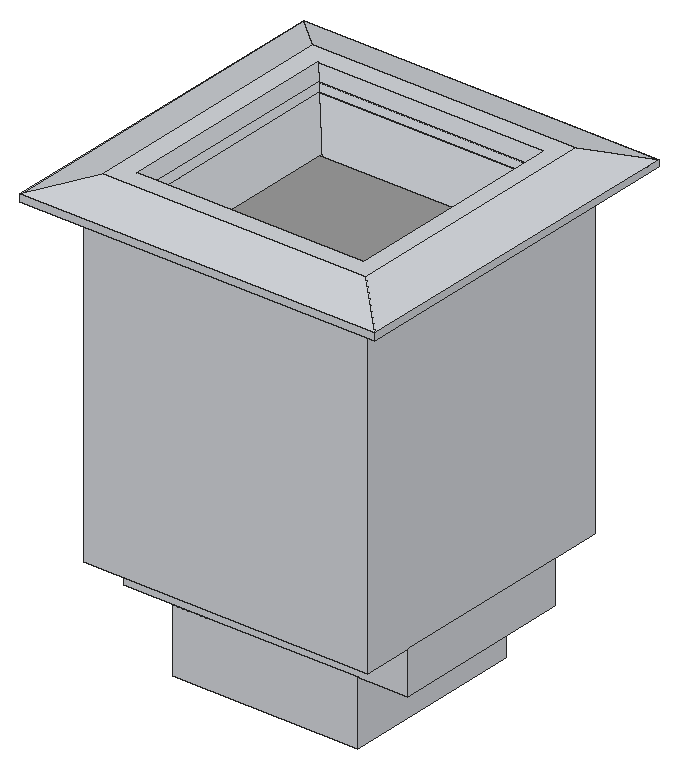
Revit family "2061030 Sylvania Lighting Fixture DOMINO 1xLED 940 BLACK NB TRIM BLACK", category Lighting Fixtures, host Face, Revit 2018
Family settings
  Host = Face
  Round Connector Dimension = Use Diameter
  Part Type = Normal
  OmniClass Number = 23.80.70.00
  OmniClass Title = Lighting
  Cut with Voids When Loaded = No
  Light Source = Yes
  Shared = No
  Room Calculation Point = No
Parameters (values of type "2061030 DOMINO 1XLED 940 BLACK NB TR BLK ")
  top top width = 15.812 mm
  top top length = 26 mm
  Width = 50 mm
  Weight = "n/a"
  Wattage Comments = ""
  Wattage = 9.2903 W
  WarrantyStartDate [instance] = "n/a"
  WarrantyGuarantorParts = "n/a"
  WarrantyDurationUnit = "n/a"
  WarrantyDurationParts = ""
  WarrantyDescription = "http://www.sylvania-lighting.com"
  built-in parameter 1150110 = 1 (stored number, unit not read)
  Voltage = 0 V
  URL = "0.6"
  TypeName = "DOMINO 1xLED 940 BLACK NB TRIM BLACK"
  Type Image = <None>
  Type Comments = "n/a"
  built-in parameter 1114217 = 1 (stored number, unit not read)
  Top Width = 26 mm
  Tilt Angle = 90.00°
  built-in parameter 1150109 = 1 (stored number, unit not read)
  built-in parameter 1150134 = 3
  built-in parameter 1150113 = 1 (stored number, unit not read)
  SerialNumber [instance] = "n/a"
  Recessed Width = 43 mm
  Recessed Length = 43 mm
  Photometric Web File = "2061030.ies"
  Material_3_FEILO = none
  PowerFactor = 0
  PowerConsumption = "Lighting"
  NominalLength = 50 mm
  NominalHeight = 0 mm
  NominalDepth = 0 mm
  Name = "DOMINO 1xLED 940 BLACK NB TRIM BLACK"
  ModelReference = Name  # "DOMINO 1xLED 940 BLACK NB TRIM BLACK"
  ModelNumber = "2061030"
  Model = Name  # "DOMINO 1xLED 940 BLACK NB TRIM BLACK"
  Material = "Feilo Sylvania"
  ManufacturerName = "49 lm/W"
  Manufacturer = ""
  LuminousEfficacy = ""
  built-in parameter 1150105 = 109.82 (stored number, unit not read)
  Lumens = 1380 lm
  LuminaireType = "0"
  built-in parameter 1150115 = 1 (stored number, unit not read)
  LightOutputRatio = "LED"
  built-in parameter 1150137 = (empty or 0)
  built-in parameter 1150139 = (empty or 0)
  Lens inside recess = 25 mm
  Lens Width = 32 mm
  Lens Outside recess = 31.978 mm
  Lens = Glass, White, High Luminance
  Length = 50 mm
  LampsType = Lamp  # "n/a"
  LampNominalLuminous = "4000 K"
  LampMacAdamStep = "90"
  LampColourTemperature = "LED"
  LampColourRenderingIndex = "16500"
  built-in parameter 1150112 = 1 (stored number, unit not read)
  built-in parameter 1150114 = 1 (stored number, unit not read)
  Lamp = "n/a"
  Keynote = "n/a"
  InstallationDate [instance] = "n/a"
  InputVoltage = "0"
  InputNominalFrequency = "4000"
  built-in parameter 1150132 = (empty or 0)
  built-in parameter 1150102 = (empty or 0)
  built-in parameter 1150107 = 3200 (stored number, unit not read)
  built-in parameter 1150138 = (empty or 0)
  IngressProtection = "IfcLightFixtureType"
  ImpactProtectionIndex = "IfcLightFixtureType"
  built-in parameter 1150106 = 1.0982 (stored number, unit not read)
  IfcExportType = "IfcLightFixtureType"
  IfcExportAs = "Class II"
  Facia internal width = 37 mm
  Facia internal length = 37 mm
  Facia Height = 2 mm
  ExpectedLife = 50000
  Emit from Circle Diameter = 609.6 mm
  Emit Shape Visible in Rendering = no
  ElectricShockClassification = "49"
  built-in parameter 1150104 = 13.8 (stored number, unit not read)
  DurationUnit = "hours"
  DocumentationLiterature = "http://www.sylvania-lighting.com/product/en-int/products/2061030"
  DimmingControlOptions = "n/a"
  Material_2_FEILO = none
  Dimming Lamp Color Temperature Shift = <None>
  Description = "Modular LED recessed linear spotlight, ideal for retail and hospitality applications. Die-cast aluminium body, passive cooling. Two levels of reflector installation, low glaring UGR<16. 1x LED source, 15° beam angle , optics: PMMA lens and polycarbonate reflector combination, Black matt reflector finish. Light color temperature: 4000K neutral white, total system power: 4W , total fixture lumen output: 195lm, efficacy: 49 lm/W, Ra90 typical, LED chromacity: 3 step MacAdam ellipse (SDCM3), lifespan: 96,000 hours at 90% of the original output (L90B10), IR/UV free light source without heat radiation, operating voltage: 220-240V / 50-60Hz, electronic driver, ultra low flicker, non-dimmable , electrical protection: Class II. Degree of Protection: IP40/IP20, suitable for indoor environment only. Ceiling cut-out: 43x43mm, outer dimensions:  50x50mm trim frame RAL 9005 - Jet black color.5 years Warranty."
  Default Elevation = 1219.2 mm
  CreatedOn = "09/02/2021"
  CreatedBy = "@sylvania-lighting.com"
  Cost = 0
  Color Filter = 16777215
  built-in parameter 1114216 [instance] = (empty or 0)
  ClassificationValue = "EF_70_80"
  ClassificationName = "Uniclass2015"
  Material_1_FEILO = none
  Body Width = 40 mm
  Body Length = 40 mm
  BarCode [instance] = "n/a"
  built-in parameter 1114218 = 1 (stored number, unit not read)
  built-in parameter 1150133 = 10 (stored number, unit not read)
  AssetType = "Fixed"
  AssetIdentifier [instance] = "n/a"
  Assembly Code = "D5020200"
  Apparent Load = 4 VA
  Material_4_FEILO = none
Reference planes
  plane 1 "Center (Front/Back)": y = 0
  plane 2: z = 0
  plane 3 "Center (Left/Right)": x = 0
  plane 4: z = 0
  plane 5: z = -7
  plane 6: z = -45.895
  plane 7: z = -51.895
  plane 8: z = -60.895
  plane 9: x = -21.5
  plane 10: x = 21.5
  plane 11: y = 21.5
  plane 12: y = -21.5
  plane 13: x = -25
  plane 14: x = 25
  plane 15: y = 25
  plane 16: y = -25
  plane 17: x = 18.5
  plane 18: x = -18.5
  plane 19: y = 18.5
  plane 20: y = -18.5
  plane 21: z = 2
  plane 22: x = -20
  plane 23: x = 20
  plane 24: y = 20
  plane 25: y = -20
  plane 26: y = 13
  plane 27: y = -13
  plane 28: y = 16
  plane 29: y = -16
  plane 30: x = 13
  plane 31: x = -13
  plane 32: x = -15.772
  plane 33: x = 16.206
  plane 34: y = 12.5
  plane 35: y = -12.5
  plane 36: x = -12.5
  plane 37: x = 12.5
Forms (mm)
  Extrusion 1, solid, not visible, detail levels medium+fine
    sketch origin (4.2, 0, 0) x (1, 0, 0) y (0, 1, 0)
      loop
        line (-29.2, 34.5) -> (-29.2, -34.5) -> (20.8, -34.5) -> (20.8, 34.5) -> (-29.2, 34.5)
    from 0 to 1
  Extrusion 2, solid, not visible, detail levels medium+fine
    sketch origin (4.044, 0, 0) x (1, 0, 0) y (0, 1, 0)
      loop
        line (-29.2, 34.5) -> (-29.2, -34.5) -> (20.8, -34.5) -> (20.8, 34.5) -> (-29.2, 34.5)
    from 0 to 1
  Blend 3, solid, not visible, detail levels medium+fine
    base sketch origin (4.2, 0, 0) x (1, 0, 0) y (0, 1, 0)
      loop
        line (-29.2, 34.5) -> (-29.2, -34.5) -> (20.8, -34.5) -> (20.8, 34.5) -> (-29.2, 34.5)
    top sketch origin (4.2, 0, 0) x (1, 0, 0) y (0, 1, 0)
      loop
        line (-21.7, 28) -> (-21.7, -28) -> (13.3, -28) -> (13.3, 28) -> (-21.7, 28)
    from 1 to 3
  Extrusion 4, solid, not visible, detail levels medium+fine
    sketch origin (3.419, 0, 0) x (1, 0, 0) y (0, 1, 0)
      loop
        line (-29.2, 34.5) -> (-29.2, -34.5) -> (20.8, -34.5) -> (20.8, 34.5) -> (-29.2, 34.5)
    from 0 to 1
  Blend 5, solid, not visible, detail levels medium+fine
    base sketch origin (3.575, 0, 0) x (1, 0, 0) y (0, 1, 0)
      loop
        line (-29.2, 34.5) -> (-29.2, -34.5) -> (20.8, -34.5) -> (20.8, 34.5) -> (-29.2, 34.5)
    top sketch origin (3.575, 0, 0) x (1, 0, 0) y (0, 1, 0)
      loop
        line (-21.7, 28) -> (-21.7, -28) -> (13.3, -28) -> (13.3, 28) -> (-21.7, 28)
    from 1 to 3
  Extrusion 6, solid, not visible, detail levels medium+fine
    sketch origin (4.247, 0, 0) x (1, 0, 0) y (0, 1, 0)
      loop
        line (-29.2, 34.5) -> (-29.2, -34.5) -> (20.8, -34.5) -> (20.8, 34.5) -> (-29.2, 34.5)
    from 0 to 1
  Blend 7, solid, not visible, detail levels medium+fine
    base sketch origin (4.403, 0, 0) x (1, 0, 0) y (0, 1, 0)
      loop
        line (-29.2, 34.5) -> (-29.2, -34.5) -> (20.8, -34.5) -> (20.8, 34.5) -> (-29.2, 34.5)
    top sketch origin (4.403, 0, 0) x (1, 0, 0) y (0, 1, 0)
      loop
        line (-21.7, 28) -> (-21.7, -28) -> (13.3, -28) -> (13.3, 28) -> (-21.7, 28)
    from 1 to 3
  Extrusion 8, void, detail levels medium+fine
    sketch origin (4.2, 0, 0) x (0, 1, 0) y (1, 0, 0)
      loop
        line (21.5, -25.7) -> (21.5, 17.3) -> (-21.5, 17.3) -> (-21.5, -25.7) -> (21.5, -25.7)
    from -9.934 to 83.097
  Extrusion 9, solid, detail levels medium+fine
    sketch origin (4.2, 0, 0) x (1, 0, 0) y (0, 1, 0)
      loop
        line (-29.2, 25) -> (-29.2, -25) -> (20.8, -25) -> (20.8, 25) -> (-29.2, 25)
    from 0 to 1
  Extrusion 10, solid, detail levels medium+fine
    sketch origin (4.2, 0, 0) x (1, 0, 0) y (0, 1, 0)
      loop
        line (-24.2, 20) -> (-24.2, -20) -> (15.8, -20) -> (15.8, 20) -> (-24.2, 20)
    from 0 to -45.895
  Extrusion 11, solid, detail levels medium+fine
    sketch origin (4.2, 0, 0) x (1, 0, 0) y (0, 1, 0)
      loop
        line (-24.2, 13) -> (-24.2, -13) -> (15.8, -13) -> (15.8, 13) -> (-24.2, 13)
    from -51.895 to -45.895
  Extrusion 12, solid, material "Glass, White, High Luminance" <- "Lens", detail levels fine
    sketch origin (13.547, 1218.849, 36.156) x (1, 0, 0) y (0, 1, 0)
      loop
        line (-26.047, -1206.7) -> (-26.047, -1231.7) -> (-1.047, -1231.7) -> (-1.047, -1206.7) -> (-26.047, -1206.7)
    from -43.156 to -42.182
  Blend 13, solid, detail levels medium+fine
    base sketch origin (4.2, 0, 0) x (1, 0, 0) y (0, 1, 0)
      loop
        line (-29.2, 25) -> (-29.2, -25) -> (20.8, -25) -> (20.8, 25) -> (-29.2, 25)
    top sketch origin (4.2, 0, 0) x (1, 0, 0) y (0, 1, 0)
      loop
        line (-22.7, 18.5) -> (-22.7, -18.5) -> (14.3, -18.5) -> (14.3, 18.5) -> (-22.7, 18.5)
    from 1 to 3
  Extrusion 14, solid, detail levels fine
    sketch origin (0, 0, 0) x (1, 0, 0) y (0, 0, 1)
      loop
        line (-13, -51.895) -> (-13, -60.895) -> (13, -60.895) -> (13, -51.895) -> (-13, -51.895)
    from -13 to 13
  Blend 15, void, detail levels medium+fine
    base sketch origin (4.2, 0, 0) x (0, 1, 0) y (-1, 0, 0)
      loop
        line (16, 19.972) -> (-16, 19.972) -> (-16, -12.006) -> (16, -12.006) -> (16, 19.972)
    top sketch origin (4.2, 0, 0) x (0, 1, 0) y (-1, 0, 0)
      loop
        line (12.5, 16.7) -> (-12.5, 16.7) -> (-12.5, -8.3) -> (12.5, -8.3) -> (12.5, 16.7)
    from 3 to -7
  Extrusion 16, solid, detail levels coarse
    sketch origin (4.2, 0, 0) x (1, 0, 0) y (0, 1, 0)
      loop
        line (-29.2, 25) -> (-29.2, -25) -> (20.8, -25) -> (20.8, 25) -> (-29.2, 25)
    from 3 to -60.895
Cuts and joins
  Blend 15 cuts Extrusion 9
  Blend 15 cuts Extrusion 10
  Blend 15 cuts Blend 13
Dimensions and locks
  "Recessed Length": plane 9 to plane 10
  equal spacing: plane 9, plane 3 "Center (Left/Right)", plane 10
  "Length": plane 13 to plane 14
  equal spacing: plane 13, plane 3 "Center (Left/Right)", plane 14
  "Recessed Width": plane 11 to plane 12
  equal spacing: plane 11, plane 1 "Center (Front/Back)", plane 12
  "Width": plane 15 to plane 16
  equal spacing: plane 15, plane 1 "Center (Front/Back)", plane 16
  "Facia internal length": plane 18 to plane 17
  equal spacing: plane 18, plane 3 "Center (Left/Right)", plane 17
  "Facia internal width": plane 19 to plane 20
  equal spacing: plane 19, plane 1 "Center (Front/Back)", plane 20
  "Facia Height": plane 21 to host face
  "Body Length": plane 22 to plane 23
  equal spacing: plane 22, plane 3 "Center (Left/Right)", plane 23
  "Body Width": plane 24 to plane 25
  equal spacing: plane 24, plane 1 "Center (Front/Back)", plane 25
  "Top Width": plane 26 to plane 27
  equal spacing: plane 26, plane 1 "Center (Front/Back)", plane 27
  "Lens Width": plane 28 to plane 29
  equal spacing: plane 28, plane 1 "Center (Front/Back)", plane 29
  "top top length": plane 31 to plane 30
  equal spacing: plane 31, plane 3 "Center (Left/Right)", plane 30  (x2)
  plane 30 to plane 31 = 26 mm
  equal spacing: plane 30, plane 3 "Center (Left/Right)", plane 31
  "Lens Outside recess": plane 32 to plane 33
  "Lens inside recess": plane 34 to plane 35
  equal spacing: plane 34, plane 1 "Center (Front/Back)", plane 35
  aligned and locked: plane 2 to host face
  aligned and locked: level to host face
  aligned and locked: Extrusion 11 to plane 7
  aligned and locked: Extrusion 10 to plane 6
  aligned and locked: cut or joined group of Blend 13, Blend 15 to Blend 15
Automatic sketch dimensions
  host sketch curve to host sketch curve = 2438.4 mm  (x2)
  Extrusion 1 sketch curve to Extrusion 1 sketch curve = 50 mm
  Extrusion 1 sketch curve to Extrusion 1 sketch curve = 69 mm
  Extrusion 2 sketch curve to Extrusion 2 sketch curve = 50 mm
  Extrusion 2 sketch curve to Extrusion 2 sketch curve = 69 mm
  Blend 3 sketch curve to Blend 3 sketch curve = 50 mm
  Blend 3 sketch curve to Blend 3 sketch curve = 69 mm
  Blend 3 sketch curve to Blend 3 sketch curve = 35 mm
  Blend 3 sketch curve to Blend 3 sketch curve = 56 mm
  Extrusion 4 sketch curve to Extrusion 4 sketch curve = 50 mm
  Extrusion 4 sketch curve to Extrusion 4 sketch curve = 69 mm
  Blend 5 sketch curve to Blend 5 sketch curve = 50 mm
  Blend 5 sketch curve to Blend 5 sketch curve = 69 mm
  Blend 5 sketch curve to Blend 5 sketch curve = 35 mm
  Blend 5 sketch curve to Blend 5 sketch curve = 56 mm
  Extrusion 6 sketch curve to Extrusion 6 sketch curve = 50 mm
  Extrusion 6 sketch curve to Extrusion 6 sketch curve = 69 mm
  Blend 7 sketch curve to Blend 7 sketch curve = 50 mm
  Blend 7 sketch curve to Blend 7 sketch curve = 69 mm
  Blend 7 sketch curve to Blend 7 sketch curve = 35 mm
  Blend 7 sketch curve to Blend 7 sketch curve = 56 mm
  plane 9 to Extrusion 8 sketch curve = 0 mm
  Extrusion 8 sketch curve to plane 12 = 0 mm
  Extrusion 8 sketch curve to plane 11 = 0 mm
  Extrusion 8 sketch curve to plane 10 = 0 mm
  plane 13 to Extrusion 9 sketch curve = 0 mm
  plane 14 to Extrusion 9 sketch curve = 0 mm
  Extrusion 9 sketch curve to plane 16 = 0 mm
  Extrusion 9 sketch curve to plane 15 = 0 mm
  Extrusion 10 sketch curve to plane 22 = 0 mm
  Extrusion 10 sketch curve to plane 23 = 0 mm
  Extrusion 10 sketch curve to plane 25 = 0 mm
  Extrusion 10 sketch curve to plane 24 = 0 mm
  Extrusion 11 sketch curve to plane 22 = 0 mm
  Extrusion 11 sketch curve to plane 23 = 0 mm
  Extrusion 11 sketch curve to plane 27 = 0 mm
  Extrusion 11 sketch curve to plane 26 = 0 mm
  Extrusion 12 sketch curve to plane 11 = 9.351 mm
  plane 1 "Center (Front/Back)" to Extrusion 12 sketch curve = 12.851 mm
  plane 18 to Extrusion 12 sketch curve = 6 mm
  Blend 13 sketch curve to plane 13 = 0 mm
  Blend 13 sketch curve to plane 14 = 0 mm
  Blend 13 sketch curve to plane 16 = 0 mm
  Blend 13 sketch curve to plane 15 = 0 mm
  Blend 13 sketch curve to plane 18 = 0 mm
  Blend 13 sketch curve to plane 17 = 0 mm
  Blend 13 sketch curve to plane 20 = 0 mm
  Blend 13 sketch curve to plane 19 = 0 mm
  Extrusion 12 sketch curve to Extrusion 12 sketch curve = 25 mm
  Extrusion 14 sketch curve to plane 8 = 0 mm
  Extrusion 14 sketch curve to plane 31 = 0 mm
  Extrusion 14 sketch curve to plane 30 = 0 mm
  Extrusion 14 sketch curve to plane 7 = 0 mm
  Blend 15 sketch curve to plane 29 = 0 mm
  Blend 15 sketch curve to plane 28 = 0 mm
  Blend 15 sketch curve to plane 33 = 0 mm
  Blend 15 sketch curve to plane 32 = 0 mm
  Blend 15 sketch curve to plane 35 = 0 mm
  Blend 15 sketch curve to plane 34 = 0 mm
  Blend 15 sketch curve to plane 37 = 0 mm
  Blend 15 sketch curve to plane 36 = 0 mm
  Extrusion 16 sketch curve to plane 13 = 0 mm
  Extrusion 16 sketch curve to plane 14 = 0 mm
  Extrusion 16 sketch curve to plane 16 = 0 mm
  Extrusion 16 sketch curve to plane 15 = 0 mm
Connectors
  electrical at (0, 0, -60.895)
    settings: on Extrusion 14, index 1, voltage 0 V, apparent load 0 VA, apparent load phase1 0 VA, apparent load phase2 0 VA, apparent load phase3 0 VA, power factor 1, load classification "Other", number of poles 1, system type 31, power factor state 1, is connector primary yes, connector utility no, sub classification motor no, connector description ""
